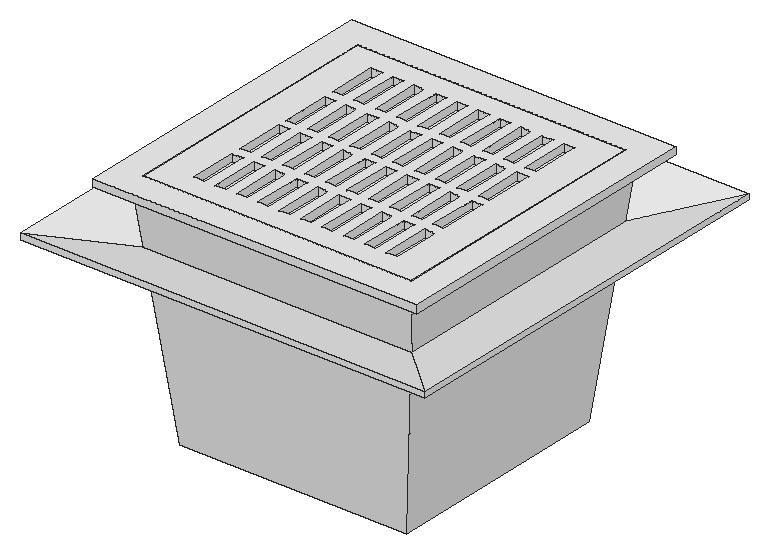
Revit family "Receptor-Sani-Flor_16_Inch_Square_Top-Zurn-Z1926-12_Inch_Sump", category Plumbing Fixtures, Revit 2022
Family settings
  Round Connector Dimension = Use Radius
  Part Type = Normal
  OmniClass Number = 23.70.50.21.24.14
  OmniClass Title = Deck Waste Water Drains
  Work Plane-Based = No
  Always vertical = Yes
  Cut with Voids When Loaded = No
  Maintain Annotation Orientation = No
  Shared = No
  Room Calculation Point = No
Parameters (values of type "Load Family Type Catalog")
  Width = 13.250"
  Waste Connection = 1 = 1  # yes
  WFU = 1  # constant formula
  Vent Connection = 1 = 0  # no
  URL = "www.zurn.com"
  Type Comments = "Z1926-2 Inch -Inside Caulk Outlet"
  Sump Depth = 12.000"
  Sani-Flor Receptor = 16.000"
  Product data url = "https://bimobject.com/zurnindustries/product/zurn-z1926"
  Product Page URL = "https://www.zurn.com/products/drainage-interceptors/floor-sinks/z1926"
  Product Documentation Link = "https://files.zurn.com/spec-sheets/z1926.pdf"
  Pipe Size Radius_A (Nominal) = 1.000"
  Pipe Size Radius_A (Actual) = 1.188"
  Outlet Connector = 1.000"
  Modified Date = "09/02/2025"  # constant formula
  Model = "Z1926"  # constant formula
  Manufacurer Brand = "Zurn"  # constant formula
  Manufacturer = "Zurn Water, LLC"  # constant formula
  Main Material = Cast Iron- Zurn- White A.R.E Coated- Interior
  HWFU = 0  # constant formula
  HW Connection = 1 = 0  # no
  Frame and Grate = Cast Iron- Zurn- White A.R.E Coated- Interior
  Description = "16 X 16 [406 X 406] A.R.C. SANI-FLOR RECEPTOR 12 [305] SUMP DEPTH"  # constant formula
  Default Elevation = 25.000"  # constant formula
  Date Created = "11/13/2018"  # constant formula
  CWFU = 0  # constant formula
  CW Connection = 1 = 0  # no
  Body Height_E = 15.000"
  Assembly Code = "D2030300"
  Approx. Weight (Lbs) = 150.000"  # constant formula
Reference planes (in)
  plane 1 "Center (Front/Back)": y = 0
  plane 2: z = 0
  plane 3 "Center (Left/Right)": x = 0
  plane 4: x = -6.625
  plane 5: x = 6.625
  plane 6: y = 8
  plane 7: y = -8
  plane 8: x = -8
  plane 9: x = 8
  plane 10: x = -10
  plane 11: x = 10
  plane 12: z = -0.375
  plane 13: z = -2.25
  plane 14: z = -12
  plane 15: z = -15
  plane 16: y = 6.625
  plane 17: y = -6.625
  plane 18: y = 5.625
  plane 19: y = -5.625
  plane 20: x = -5.625
  plane 21: x = 5.625
  plane 22: x = -6.9375
  plane 23: x = 6.9375
  plane 24: y = 6.9375
  plane 25: y = -6.9375
  plane 26: x = -1.188
  plane 27: x = 1.188
  plane 28: z = -3.45
  plane 29: y = 10
  plane 30: y = -10
  plane 31: through (0, 11.05292, -1.96787) normal (0, -0.2588, 0.9659)
  plane 32: through (0, 11.12571, -2.23954) normal (0, -0.2588, 0.9659)
  plane 33: through (0, 6.65022, -2.91947) normal (0, -0.9937, 0.1122)
  plane 34: z = -0.625
  plane 35: z = -11.75
  plane 36: y = 1.188
  plane 37: y = -1.188
  plane 38: x = -3.3125
  plane 39: x = -1.65625
  plane 40: x = -4.96875
  plane 41: x = 3.3125
  plane 42: x = 1.65625
  plane 43: x = 4.96875
  plane 44: y = 4.96875
  plane 45: y = 1.65625
  plane 46: y = 3.3125
  plane 47: y = -4.96875
  plane 48: y = -1.65625
  plane 49: y = -3.3125
Forms (in)
  Extrusion 1, solid, material "Cast Iron- Zurn- White A.R.E Coated- Interior" <- "Frame and Grate", detail levels fine
    sketch origin (0, 0, 0) x (1, 0, 0) y (0, 1, 0)
      loop
        line (-8, 8) -> (-8, -8) -> (8, -8) -> (8, 8) -> (-8, 8)
    from -0.375 to 0
  Blend 2, solid, material "Cast Iron- Zurn- White A.R.E Coated- Interior" <- "Main Material", detail levels fine
    base sketch origin (0, 0, 0) x (1, 0, 0) y (0, 1, 0)
      loop
        line (-5.625, 5.625) -> (-5.625, -5.625) -> (5.625, -5.625) -> (5.625, 5.625) -> (-5.625, 5.625)
    top sketch origin (0, 0, 0) x (1, 0, 0) y (0, 1, 0)
      loop
        line (-6.9375, 6.9375) -> (-6.9375, -6.9375) -> (6.9375, -6.9375) -> (6.9375, 6.9375) -> (-6.9375, 6.9375)
    from -12 to -0.375
  Extrusion 3, solid, material "Cast Iron- Zurn- White A.R.E Coated- Interior" <- "Main Material", detail levels fine
    sketch origin (0, 0, 0) x (1, 0, 0) y (0, 1, 0)
      loop
        circle (0, 0) r 1.188
    from -15 to -12
  Extrusion 4, void
    sketch origin (0, 0, 0) x (1, 0, 0) y (0, 1, 0)
      loop
        circle (0, 0) r 1
    from -15 to -12
  Sweep 5, solid, material "Cast Iron- Zurn- White A.R.E Coated- Interior" <- "Main Material", detail levels fine
    path origin (0, 0, 0) x (1, 0, 0) y (0, 1, 0)
      loop
        line (-10, 10) -> (-10, -10) -> (10, -10) -> (10, 10) -> (-10, 10)
    profile origin (0, 10, 0) x (0, 1, 0) y (0, 0, 1)
      loop
        line (-3.37634, -3.15469) -> (-3.41024, -3.45494) -> (0, -2.54117) -> (0, -2.25) -> (-3.37634, -3.15469)
  Extrusion 6, void
    sketch origin (0, 0, 0) x (1, 0, 0) y (0, 1, 0)
      loop
        line (-6.625, 6.625) -> (-6.625, -6.625) -> (6.625, -6.625) -> (6.625, 6.625) -> (-6.625, 6.625)
    from -0.375 to 0
Cuts and joins
  Extrusion 4, Extrusion 6 cuts Extrusion 1
  Extrusion 4 cuts Extrusion 3
Lines and regions (in)
  Masking region 1, detail levels fine
    outline origin (0, 0, 0) x (1, 0, 0) y (0, 1, 0)
      loop
        line (-10, 10) -> (-10, -10) -> (10, -10) -> (10, 10) -> (-10, 10)
  model lines, detail levels coarse+medium
    curve 1: line (-8, 8, 0) -> (8, 8, 0)
    curve 2: line (-8, -8, 0) -> (8, -8, 0)
    curve 3: line (8, 8, 0) -> (8, -8, 0)
    curve 4: line (-8, 8, 0) -> (-8, -8, 0)
    curve 5: line (0, 0, 0) -> (0, 0, -15)
    curve 6: line (0, 1.188, -15) -> (0, -1.188, -15)
    curve 7: line (-1.188, 0, -15) -> (1.188, 0, -15)
    curve 8: line (-6.625, 6.625, 0) -> (6.625, 6.625, 0)
    curve 9: line (6.625, 6.625, 0) -> (6.625, -6.625, 0)
    curve 10: line (-6.625, -6.625, 0) -> (6.625, -6.625, 0)
    curve 11: line (-6.625, 6.625, 0) -> (-6.625, -6.625, 0)
    curve 12: line (-4.96875, 6.625, 0) -> (-4.96875, -6.625, 0)
    curve 13: line (-3.3125, 6.625, 0) -> (-3.3125, -6.625, 0)
    curve 14: line (-1.65625, 6.625, 0) -> (-1.65625, -6.625, 0)
    curve 15: line (4.96875, 6.625, 0) -> (4.96875, -6.625, 0)
    curve 16: line (1.65625, 6.625, 0) -> (1.65625, -6.625, 0)
    curve 17: line (3.3125, 6.625, 0) -> (3.3125, -6.625, 0)
    curve 18: line (0, 6.625, 0) -> (0, -6.625, 0)
    curve 19: line (-6.625, 4.96875, 0) -> (6.625, 4.96875, 0)
    curve 20: line (-6.625, 3.3125, 0) -> (6.625, 3.3125, 0)
    curve 21: line (-6.625, 1.65625, 0) -> (6.625, 1.65625, 0)
    curve 22: line (-6.625, 0, 0) -> (6.625, 0, 0)
    curve 23: line (-6.625, -1.65625, 0) -> (6.625, -1.65625, 0)
    curve 24: line (-6.625, -3.3125, 0) -> (6.625, -3.3125, 0)
    curve 25: line (-6.625, -4.96875, 0) -> (6.625, -4.96875, 0)
  symbolic lines, detail levels coarse+medium
    curve 26: line (0, 0, 0) -> (0, 0, -15)
    curve 27: line (-1.188, 0, -15) -> (1.188, 0, -15)
    curve 28: line (-8, 0, 0) -> (8, 0, 0)
    curve 29: line (0, 0, 0) -> (0, 0, -15)
    curve 30: line (0, 8, 0) -> (0, -8, 0)
    curve 31: line (0, 1.188, -15) -> (0, -1.188, -15)
    curve 32: line (-8, 8, 0) -> (8, 8, 0)
    curve 33: line (8, 8, 0) -> (8, -8, 0)
    curve 34: line (-8, 8, 0) -> (-8, -8, 0)
    curve 35: line (-8, -8, 0) -> (8, -8, 0)
    curve 36: line (-10, 10, 0) -> (10, 10, 0)
    curve 37: line (-10, -10, 0) -> (-10, 10, 0)
    curve 38: line (10, -10, 0) -> (-10, -10, 0)
    curve 39: line (10, 10, 0) -> (10, -10, 0)
Dimensions and locks (in)
  equal spacing: plane 5, plane 3 "Center (Left/Right)", plane 4
  "Width": plane 5 to plane 4
  equal spacing: plane 6, plane 1 "Center (Front/Back)", plane 7
  "Sani-Flor Receptor": plane 6 to plane 7
  equal spacing: plane 9, plane 3 "Center (Left/Right)", plane 8
  "Sani-Flor Receptor": plane 9 to plane 8
  plane 4 to plane 5 = 13.250"
  plane 8 to plane 9 = 16.000"
  equal spacing: plane 11, plane 3 "Center (Left/Right)", plane 10
  locked: plane 11 to plane 10 at 20
  locked: level to plane 12 at 0.375
  locked: level to plane 13 at 2.25
  "Sump Depth": level to plane 14
  "Body Height_E": level to plane 15
  plane 14 to plane 15 = 3.000"
  equal spacing: plane 16, plane 1 "Center (Front/Back)", plane 17
  "Width": plane 16 to plane 17
  plane 8 to plane 4 = 1.375"
  plane 5 to plane 9 = 1.375"
  plane 17 to plane 7 = 1.375"
  plane 6 to plane 16 = 1.375"
  equal spacing: plane 18, plane 1 "Center (Front/Back)", plane 19
  plane 18 to plane 19 = 11.250"
  equal spacing: plane 20, plane 3 "Center (Left/Right)", plane 21
  equal spacing: plane 23, plane 3 "Center (Left/Right)", plane 22
  plane 23 to plane 22 = 13.875"
  plane 22 to plane 23 = 13.875"
  equal spacing: plane 24, plane 1 "Center (Front/Back)", plane 25
  plane 1 "Center (Front/Back)" to plane 25 = 6.9375"
  plane 22 to plane 8 = 1.0625"
  plane 9 to plane 23 = 1.0625"
  "Pipe Size Radius_A (Actual)": plane 3 "Center (Left/Right)" to plane 26
  "Pipe Size Radius_A (Actual)": plane 27 to plane 3 "Center (Left/Right)"
  plane 13 to plane 28 = 1.200"
  equal spacing: plane 29, plane 1 "Center (Front/Back)", plane 30
  plane 29 to plane 30 = 20.000"
  level to plane 13 = 2.250"
  level to plane 28 = 3.450"
  plane 31 to plane 32 = 0.28125"  (x2)
  plane 24 to plane 25 = 13.875"
  plane 12 to plane 34 = 0.250"
  plane 35 to plane 14 = 0.250"
  "Pipe Size Radius_A (Actual)": plane 36 to plane 1 "Center (Front/Back)"
  "Pipe Size Radius_A (Actual)": plane 1 "Center (Front/Back)" to plane 37
  plane 20 to plane 21 = 11.250"
  equal spacing: plane 4, plane 40, plane 38, plane 39, plane 3 "Center (Left/Right)"
  equal spacing: plane 3 "Center (Left/Right)", plane 42, plane 41, plane 43, plane 5
  equal spacing: plane 16, plane 44, plane 46, plane 45, plane 1 "Center (Front/Back)"
  equal spacing: plane 17, plane 47, plane 49, plane 48, plane 1 "Center (Front/Back)"
  plane 6 to plane 7 = 16.000"
  "Pipe Size Radius_A (Actual)": radius of Extrusion 3 sketch curve
  "Pipe Size Radius_A (Nominal)": radius of Extrusion 4 sketch curve
  angle plane 31 to plane 13 = 15.00°
  aligned and locked: plane 2 to level
  aligned and locked: Extrusion 1 sketch curve to plane 6
  aligned and locked: Extrusion 1 sketch curve to plane 9
  aligned and locked: plane 7 to Extrusion 1 sketch curve
  aligned and locked: plane 8 to Extrusion 1 sketch curve
  aligned and locked: Extrusion 1 to plane 12
  aligned and locked: level to Extrusion 1
  aligned and locked: Blend 2 sketch curve to plane 18
  aligned and locked: plane 20 to Blend 2 sketch curve
  aligned and locked: plane 19 to Blend 2 sketch curve
  aligned and locked: Blend 2 sketch curve to plane 21
  aligned and locked: Blend 2 sketch curve to plane 24
  aligned and locked: Blend 2 sketch curve to plane 23
  aligned and locked: plane 25 to Blend 2 sketch curve
  aligned and locked: plane 22 to Blend 2 sketch curve
  aligned and locked: plane 12 to Blend 2
  aligned and locked: Blend 2 to plane 14
  aligned and locked: plane 1 "Center (Front/Back)" to Extrusion 3 sketch curve
  aligned and locked: plane 3 "Center (Left/Right)" to Extrusion 3 sketch curve
  aligned and locked: plane 14 to Extrusion 3
  aligned and locked: Extrusion 3 to plane 15
  aligned and locked: plane 3 "Center (Left/Right)" to Extrusion 4 sketch curve
  aligned and locked: plane 1 "Center (Front/Back)" to Extrusion 4 sketch curve
  aligned and locked: plane 14 to Extrusion 4
  aligned and locked: Extrusion 4 to plane 15
  aligned and locked: plane 29 to Sweep 5 sketch curve
  aligned and locked: plane 10 to Sweep 5 sketch curve
  aligned and locked: Sweep 5 sketch curve to plane 30
  aligned and locked: Sweep 5 sketch curve to plane 11
  aligned and locked: plane 31 to Sweep 5 sketch curve
  aligned and locked: plane 32 to Sweep 5 sketch curve
  aligned and locked: Sweep 5 sketch curve to Blend 2
  aligned and locked: Sweep 5 sketch curve to plane 29
  aligned and locked: Extrusion 6 sketch curve to plane 16
  aligned and locked: Extrusion 6 sketch curve to plane 5
  aligned and locked: plane 17 to Extrusion 6 sketch curve
  aligned and locked: plane 4 to Extrusion 6 sketch curve
  aligned and locked: Extrusion 6 to plane 12
  aligned and locked: level to Extrusion 6
  aligned and locked: plane 5 to cut or joined group of Extrusion 1, Extrusion 4, Extrusion 6
  aligned and locked: cut or joined group of Extrusion 1, Extrusion 4, Extrusion 6 to plane 17
  aligned and locked: plane 16 to nested 1
  aligned and locked: nested 1 to plane 4
  aligned and locked: plane 5 to nested 1
  aligned and locked: nested 1 to plane 17
  aligned and locked: level to curve 5
  aligned and locked: plane 15 to curve 5
  aligned and locked: curve 5 to plane 3 "Center (Left/Right)"
  aligned and locked: plane 36 to curve 6
  aligned and locked: plane 37 to curve 6
  aligned and locked: curve 6 to plane 15
  aligned and locked: plane 26 to curve 7
  aligned and locked: plane 27 to curve 7
  aligned and locked: curve 7 to plane 15
  aligned and locked: curve 11 to plane 4
  aligned and locked: curve 10 to plane 17
  aligned and locked: plane 17 to curve 9
  aligned and locked: plane 16 to curve 9
  aligned and locked: curve 9 to plane 5
  aligned and locked: curve 12 to plane 40
  aligned and locked: curve 13 to plane 38
  aligned and locked: curve 14 to plane 39
  aligned and locked: plane 43 to curve 15
  aligned and locked: plane 42 to curve 16
  aligned and locked: plane 41 to curve 17
  aligned and locked: curve 18 to plane 3 "Center (Left/Right)"
  aligned and locked: plane 4 to curve 19
  aligned and locked: plane 5 to curve 19
  aligned and locked: curve 19 to plane 44
  aligned and locked: curve 20 to plane 46
  aligned and locked: curve 21 to plane 45
  aligned and locked: plane 1 "Center (Front/Back)" to curve 22
  aligned and locked: plane 48 to curve 23
  aligned and locked: plane 49 to curve 24
  aligned and locked: plane 47 to curve 25
  aligned and locked: plane 8 to curve 28
  aligned and locked: plane 9 to curve 28
  aligned and locked: curve 28 to level
  aligned and locked: curve 26 to plane 3 "Center (Left/Right)"
  aligned and locked: plane 27 to curve 27
  aligned and locked: plane 26 to curve 27
  aligned and locked: curve 27 to plane 15
  aligned and locked: level to curve 29
  aligned and locked: plane 15 to curve 29
  aligned and locked: curve 29 to plane 1 "Center (Front/Back)"
  aligned and locked: plane 36 to curve 31
  aligned and locked: plane 37 to curve 31
  aligned and locked: curve 31 to plane 15
  aligned and locked: plane 6 to curve 30
  aligned and locked: plane 7 to curve 30
  aligned and locked: curve 30 to level
  aligned and locked: Masking region 1 sketch curve to Sweep 5  (x4)
  aligned and locked: curve 32 to plane 6
  aligned and locked: plane 6 to curve 33
  aligned and locked: plane 7 to curve 33
  aligned and locked: curve 33 to plane 9
  aligned and locked: curve 34 to plane 8
  aligned and locked: plane 8 to curve 35
  aligned and locked: plane 9 to curve 35
  aligned and locked: curve 35 to plane 7
  aligned and locked: plane 29 to curve 36
  aligned and locked: plane 10 to curve 37
  aligned and locked: curve 38 to plane 30
  aligned and locked: curve 39 to plane 11
Nested families (in)
  nested 1: "Grate" at (0, 0, 0), Grate <- "Frame and Grate", type "Grate", detail levels fine
    with Grate Cast Iron- Zurn- White A.R.E Coated- Interior
Connectors (in)
  piping at (0, 0, -15), diameter 2, driven by "Outlet Connector", driven by "Waste Connection"
    settings: on cut or joined group of Extrusion 3, Extrusion 4, index 1, connector inside diameter 24", connector length 0.000", flow factor 0, pipe flow 0 GPM, pressure drop 0.00 psi, fitting loss kfactor 0, connector angle 0.00°, fixture units 0, engagement length 0.000", angle of deflection 0.00°, flow configuration 0, flow direction 2, fitting loss method 0, system type 16, joint type 0, gender type 0, connector reference index -1, connector utility 1, adjustable connector no, is connector primary yes, connector description "Outlet Connection"
Definition of nested family "Grate"
  Parameters (values of type "Grate")
    URL = "www.zurn.com"
    Product data url = ""
    Product Page URL = ""
    Product Installation Sheet URL = ""
    Product Documentation Link = ""
    Modified Date = ""
    Manufacurer Brand = "Zurn"  # constant formula
    Manufacturer = "Zurn Water, LLC"  # constant formula
    Grate [instance] = none
    Default Elevation = 0.000"
    Date Created = ""
    Approx. Weight (Lbs) = 0.000"
  Reference planes (in)
    plane 1 "Center (Front/Back)": y = 0
    plane 2: z = 0
    plane 3 "Center (Left/Right)": x = 0
    plane 4: y = 6.625
    plane 5: y = -6.625
    plane 6: x = -6.625
    plane 7: x = 6.625
    plane 8: z = -0.375
    plane 9: x = -5.045
    plane 10: x = 5.045
    plane 11: y = 5.485
    plane 12: y = -5.485
    plane 13: y = 3.105
    plane 14: y = 2.605
    plane 15: y = 0.225
    plane 16: x = -4.485
  Forms (in)
    Extrusion 1, solid, material <- "Grate"
      sketch origin (0, 0, 0) x (1, 0, 0) y (0, 1, 0)
        loop
          line (-6.625, 6.625) -> (-6.625, -6.625) -> (6.625, -6.625) -> (6.625, 6.625) -> (-6.625, 6.625)
      from -0.375 to 0
    Extrusion 2, void
      sketch origin (0, 0, 0) x (1, 0, 0) y (0, 1, 0)
        loop
          line (-5.045, 5.485) -> (-5.045, 3.105) -> (-4.485, 3.105) -> (-4.485, 5.485) -> (-5.045, 5.485)
        loop
          line (-5.045, 2.605) -> (-5.045, 0.225) -> (-4.485, 0.225) -> (-4.485, 2.605) -> (-5.045, 2.605)
      from -0.375 to 0
    Extrusion 3, void
      sketch origin (4.24, 0, 0) x (1, 0, 0) y (0, 1, 0)
        loop
          line (-5.045, 5.485) -> (-5.045, 3.105) -> (-4.485, 3.105) -> (-4.485, 5.485) -> (-5.045, 5.485)
        loop
          line (-5.045, 2.605) -> (-5.045, 0.225) -> (-4.485, 0.225) -> (-4.485, 2.605) -> (-5.045, 2.605)
      from -0.375 to 0
    Extrusion 4, void
      sketch origin (1.06, 0, 0) x (1, 0, 0) y (0, 1, 0)
        loop
          line (-5.045, 5.485) -> (-5.045, 3.105) -> (-4.485, 3.105) -> (-4.485, 5.485) -> (-5.045, 5.485)
        loop
          line (-5.045, 2.605) -> (-5.045, 0.225) -> (-4.485, 0.225) -> (-4.485, 2.605) -> (-5.045, 2.605)
      from -0.375 to 0
    Extrusion 5, void
      sketch origin (2.12, 0, 0) x (1, 0, 0) y (0, 1, 0)
        loop
          line (-5.045, 5.485) -> (-5.045, 3.105) -> (-4.485, 3.105) -> (-4.485, 5.485) -> (-5.045, 5.485)
        loop
          line (-5.045, 2.605) -> (-5.045, 0.225) -> (-4.485, 0.225) -> (-4.485, 2.605) -> (-5.045, 2.605)
      from -0.375 to 0
    Extrusion 6, void
      sketch origin (3.18, 0, 0) x (1, 0, 0) y (0, 1, 0)
        loop
          line (-5.045, 5.485) -> (-5.045, 3.105) -> (-4.485, 3.105) -> (-4.485, 5.485) -> (-5.045, 5.485)
        loop
          line (-5.045, 2.605) -> (-5.045, 0.225) -> (-4.485, 0.225) -> (-4.485, 2.605) -> (-5.045, 2.605)
      from -0.375 to 0
    Extrusion 7, void
      sketch origin (0, 0, 0) x (-1, 0, 0) y (0, -1, 0)
        loop
          line (-5.045, -5.485) -> (-4.485, -5.485) -> (-4.485, -3.105) -> (-5.045, -3.105) -> (-5.045, -5.485)
        loop
          line (-5.045, -2.605) -> (-4.485, -2.605) -> (-4.485, -0.225) -> (-5.045, -0.225) -> (-5.045, -2.605)
      from -0.375 to 0
    Extrusion 8, void
      sketch origin (-4.24, 0, 0) x (-1, 0, 0) y (0, -1, 0)
        loop
          line (-5.045, -5.485) -> (-4.485, -5.485) -> (-4.485, -3.105) -> (-5.045, -3.105) -> (-5.045, -5.485)
        loop
          line (-5.045, -2.605) -> (-4.485, -2.605) -> (-4.485, -0.225) -> (-5.045, -0.225) -> (-5.045, -2.605)
      from -0.375 to 0
    Extrusion 9, void
      sketch origin (-1.06, 0, 0) x (-1, 0, 0) y (0, -1, 0)
        loop
          line (-5.045, -5.485) -> (-4.485, -5.485) -> (-4.485, -3.105) -> (-5.045, -3.105) -> (-5.045, -5.485)
        loop
          line (-5.045, -2.605) -> (-4.485, -2.605) -> (-4.485, -0.225) -> (-5.045, -0.225) -> (-5.045, -2.605)
      from -0.375 to 0
    Extrusion 10, void
      sketch origin (-2.12, 0, 0) x (-1, 0, 0) y (0, -1, 0)
        loop
          line (-5.045, -5.485) -> (-4.485, -5.485) -> (-4.485, -3.105) -> (-5.045, -3.105) -> (-5.045, -5.485)
        loop
          line (-5.045, -2.605) -> (-4.485, -2.605) -> (-4.485, -0.225) -> (-5.045, -0.225) -> (-5.045, -2.605)
      from -0.375 to 0
    Extrusion 11, void
      sketch origin (-3.18, 0, 0) x (-1, 0, 0) y (0, -1, 0)
        loop
          line (-5.045, -5.485) -> (-4.485, -5.485) -> (-4.485, -3.105) -> (-5.045, -3.105) -> (-5.045, -5.485)
        loop
          line (-5.045, -2.605) -> (-4.485, -2.605) -> (-4.485, -0.225) -> (-5.045, -0.225) -> (-5.045, -2.605)
      from -0.375 to 0
    Extrusion 12, void
      sketch origin (0, 0, 0) x (1, 0, 0) y (0, 1, 0)
        loop
          line (-5.045, -5.485) -> (-4.485, -5.485) -> (-4.485, -3.105) -> (-5.045, -3.105) -> (-5.045, -5.485)
        loop
          line (-5.045, -2.605) -> (-4.485, -2.605) -> (-4.485, -0.225) -> (-5.045, -0.225) -> (-5.045, -2.605)
      from -0.375 to 0
    Extrusion 13, void
      sketch origin (4.24, 0, 0) x (1, 0, 0) y (0, 1, 0)
        loop
          line (-5.045, -5.485) -> (-4.485, -5.485) -> (-4.485, -3.105) -> (-5.045, -3.105) -> (-5.045, -5.485)
        loop
          line (-5.045, -2.605) -> (-4.485, -2.605) -> (-4.485, -0.225) -> (-5.045, -0.225) -> (-5.045, -2.605)
      from -0.375 to 0
    Extrusion 14, void
      sketch origin (1.06, 0, 0) x (1, 0, 0) y (0, 1, 0)
        loop
          line (-5.045, -5.485) -> (-4.485, -5.485) -> (-4.485, -3.105) -> (-5.045, -3.105) -> (-5.045, -5.485)
        loop
          line (-5.045, -2.605) -> (-4.485, -2.605) -> (-4.485, -0.225) -> (-5.045, -0.225) -> (-5.045, -2.605)
      from -0.375 to 0
    Extrusion 15, void
      sketch origin (2.12, 0, 0) x (1, 0, 0) y (0, 1, 0)
        loop
          line (-5.045, -5.485) -> (-4.485, -5.485) -> (-4.485, -3.105) -> (-5.045, -3.105) -> (-5.045, -5.485)
        loop
          line (-5.045, -2.605) -> (-4.485, -2.605) -> (-4.485, -0.225) -> (-5.045, -0.225) -> (-5.045, -2.605)
      from -0.375 to 0
    Extrusion 16, void
      sketch origin (3.18, 0, 0) x (1, 0, 0) y (0, 1, 0)
        loop
          line (-5.045, -5.485) -> (-4.485, -5.485) -> (-4.485, -3.105) -> (-5.045, -3.105) -> (-5.045, -5.485)
        loop
          line (-5.045, -2.605) -> (-4.485, -2.605) -> (-4.485, -0.225) -> (-5.045, -0.225) -> (-5.045, -2.605)
      from -0.375 to 0
    Extrusion 17, void
      sketch origin (0, 0, 0) x (-1, 0, 0) y (0, -1, 0)
        loop
          line (-5.045, 5.485) -> (-5.045, 3.105) -> (-4.485, 3.105) -> (-4.485, 5.485) -> (-5.045, 5.485)
        loop
          line (-5.045, 2.605) -> (-5.045, 0.225) -> (-4.485, 0.225) -> (-4.485, 2.605) -> (-5.045, 2.605)
      from -0.375 to 0
    Extrusion 18, void
      sketch origin (-4.24, 0, 0) x (-1, 0, 0) y (0, -1, 0)
        loop
          line (-5.045, 5.485) -> (-5.045, 3.105) -> (-4.485, 3.105) -> (-4.485, 5.485) -> (-5.045, 5.485)
        loop
          line (-5.045, 2.605) -> (-5.045, 0.225) -> (-4.485, 0.225) -> (-4.485, 2.605) -> (-5.045, 2.605)
      from -0.375 to 0
    Extrusion 19, void
      sketch origin (-1.06, 0, 0) x (-1, 0, 0) y (0, -1, 0)
        loop
          line (-5.045, 5.485) -> (-5.045, 3.105) -> (-4.485, 3.105) -> (-4.485, 5.485) -> (-5.045, 5.485)
        loop
          line (-5.045, 2.605) -> (-5.045, 0.225) -> (-4.485, 0.225) -> (-4.485, 2.605) -> (-5.045, 2.605)
      from -0.375 to 0
    Extrusion 20, void
      sketch origin (-2.12, 0, 0) x (-1, 0, 0) y (0, -1, 0)
        loop
          line (-5.045, 5.485) -> (-5.045, 3.105) -> (-4.485, 3.105) -> (-4.485, 5.485) -> (-5.045, 5.485)
        loop
          line (-5.045, 2.605) -> (-5.045, 0.225) -> (-4.485, 0.225) -> (-4.485, 2.605) -> (-5.045, 2.605)
      from -0.375 to 0
    Extrusion 21, void
      sketch origin (-3.18, 0, 0) x (-1, 0, 0) y (0, -1, 0)
        loop
          line (-5.045, 5.485) -> (-5.045, 3.105) -> (-4.485, 3.105) -> (-4.485, 5.485) -> (-5.045, 5.485)
        loop
          line (-5.045, 2.605) -> (-5.045, 0.225) -> (-4.485, 0.225) -> (-4.485, 2.605) -> (-5.045, 2.605)
      from -0.375 to 0
  Cuts and joins
    Extrusion 2, Extrusion 3, Extrusion 4, Extrusion 5, Extrusion 6, Extrusion 7, Extrusion 8, Extrusion 9, Extrusion 10, Extrusion 11, Extrusion 12, Extrusion 13, Extrusion 14, Extrusion 15, Extrusion 16, Extrusion 17, Extrusion 18, Extrusion 19, Extrusion 20, Extrusion 21 cuts Extrusion 1
  Dimensions and locks (in)
    equal spacing: plane 4, plane 1 "Center (Front/Back)", plane 5
    locked: plane 4 to plane 5 at 13.25
    equal spacing: plane 6, plane 3 "Center (Left/Right)", plane 7
    locked: plane 6 to plane 7 at 13.25
    level to plane 8 = 0.375"
    plane 6 to plane 9 = 1.580"
    plane 10 to plane 7 = 1.580"
    plane 4 to plane 11 = 1.140"
    plane 12 to plane 5 = 1.140"
    plane 11 to plane 13 = 2.380"
    plane 13 to plane 14 = 0.500"
    plane 15 to plane 1 "Center (Front/Back)" = 0.225"
    plane 14 to plane 15 = 2.380"
    locked: plane 9 to plane 16 at 0.56
    aligned and locked: plane 2 to level
    aligned and locked: Extrusion 1 sketch curve to plane 4
    aligned and locked: plane 6 to Extrusion 1 sketch curve
    aligned and locked: plane 5 to Extrusion 1 sketch curve
    aligned and locked: Extrusion 1 sketch curve to plane 7
    aligned and locked: Extrusion 1 to plane 8
    aligned and locked: level to Extrusion 1
    aligned and locked: Extrusion 1 to Extrusion 2
    aligned and locked: level to Extrusion 2
  Automatic sketch dimensions
    Extrusion 7 sketch curve to Extrusion 7 sketch curve = 0.000"
    Extrusion 7 sketch curve to Extrusion 7 sketch curve = 0.560"  (x2)
    Extrusion 7 sketch curve to Extrusion 7 sketch curve = 2.380"  (x2)
    Extrusion 7 sketch curve to Extrusion 7 sketch curve = 0.500"
    Extrusion 8 sketch curve to Extrusion 8 sketch curve = 0.000"
    Extrusion 8 sketch curve to Extrusion 8 sketch curve = 0.560"  (x2)
    Extrusion 8 sketch curve to Extrusion 8 sketch curve = 2.380"  (x2)
    Extrusion 8 sketch curve to Extrusion 8 sketch curve = 0.500"
    Extrusion 9 sketch curve to Extrusion 9 sketch curve = 0.000"
    Extrusion 9 sketch curve to Extrusion 9 sketch curve = 0.560"  (x2)
    Extrusion 9 sketch curve to Extrusion 9 sketch curve = 2.380"  (x2)
    Extrusion 9 sketch curve to Extrusion 9 sketch curve = 0.500"
    Extrusion 10 sketch curve to Extrusion 10 sketch curve = 0.000"
    Extrusion 10 sketch curve to Extrusion 10 sketch curve = 0.560"  (x2)
    Extrusion 10 sketch curve to Extrusion 10 sketch curve = 2.380"  (x2)
    Extrusion 10 sketch curve to Extrusion 10 sketch curve = 0.500"
    Extrusion 11 sketch curve to Extrusion 11 sketch curve = 0.000"
    Extrusion 11 sketch curve to Extrusion 11 sketch curve = 0.560"  (x2)
    Extrusion 11 sketch curve to Extrusion 11 sketch curve = 2.380"  (x2)
    Extrusion 11 sketch curve to Extrusion 11 sketch curve = 0.500"
    Extrusion 17 sketch curve to Extrusion 17 sketch curve = 0.000"
    Extrusion 17 sketch curve to Extrusion 17 sketch curve = 0.560"  (x2)
    Extrusion 17 sketch curve to Extrusion 17 sketch curve = 2.380"  (x2)
    Extrusion 17 sketch curve to Extrusion 17 sketch curve = 0.500"
    Extrusion 18 sketch curve to Extrusion 18 sketch curve = 0.000"
    Extrusion 18 sketch curve to Extrusion 18 sketch curve = 0.560"  (x2)
    Extrusion 18 sketch curve to Extrusion 18 sketch curve = 2.380"  (x2)
    Extrusion 18 sketch curve to Extrusion 18 sketch curve = 0.500"
    Extrusion 19 sketch curve to Extrusion 19 sketch curve = 0.000"
    Extrusion 19 sketch curve to Extrusion 19 sketch curve = 0.560"  (x2)
    Extrusion 19 sketch curve to Extrusion 19 sketch curve = 2.380"  (x2)
    Extrusion 19 sketch curve to Extrusion 19 sketch curve = 0.500"
    Extrusion 20 sketch curve to Extrusion 20 sketch curve = 0.000"
    Extrusion 20 sketch curve to Extrusion 20 sketch curve = 0.560"  (x2)
    Extrusion 20 sketch curve to Extrusion 20 sketch curve = 2.380"  (x2)
    Extrusion 20 sketch curve to Extrusion 20 sketch curve = 0.500"
    Extrusion 21 sketch curve to Extrusion 21 sketch curve = 0.000"
    Extrusion 21 sketch curve to Extrusion 21 sketch curve = 0.560"  (x2)
    Extrusion 21 sketch curve to Extrusion 21 sketch curve = 2.380"  (x2)
    Extrusion 21 sketch curve to Extrusion 21 sketch curve = 0.500"
    Extrusion 2 sketch curve to plane 9 = 0.000"  (x2)
    Extrusion 2 sketch curve to plane 14 = 0.000"
    Extrusion 2 sketch curve to plane 16 = 0.000"  (x2)
    Extrusion 2 sketch curve to plane 11 = 0.000"
    Extrusion 2 sketch curve to plane 15 = 0.000"
    Extrusion 2 sketch curve to plane 13 = 0.000"
    Extrusion 3 sketch curve to plane 11 = 0.000"
    Extrusion 3 sketch curve to plane 15 = 0.000"
    Extrusion 3 sketch curve to plane 13 = 0.000"
    Extrusion 3 sketch curve to plane 14 = 0.000"
    Extrusion 3 sketch curve to plane 3 "Center (Left/Right)" = 0.805"  (x2)
    Extrusion 3 sketch curve to plane 3 "Center (Left/Right)" = 0.245"  (x2)
    Extrusion 4 sketch curve to plane 11 = 0.000"
    Extrusion 4 sketch curve to plane 15 = 0.000"
    Extrusion 4 sketch curve to plane 13 = 0.000"
    Extrusion 4 sketch curve to plane 14 = 0.000"
    plane 16 to Extrusion 4 sketch curve = 0.500"  (x2)
    Extrusion 4 sketch curve to Extrusion 4 sketch curve = 0.560"  (x2)
    Extrusion 5 sketch curve to plane 11 = 0.000"
    Extrusion 5 sketch curve to plane 15 = 0.000"
    Extrusion 5 sketch curve to plane 13 = 0.000"
    Extrusion 5 sketch curve to plane 14 = 0.000"
    plane 16 to Extrusion 5 sketch curve = 1.560"  (x2)
    Extrusion 5 sketch curve to Extrusion 5 sketch curve = 0.560"  (x2)
    Extrusion 6 sketch curve to plane 11 = 0.000"
    Extrusion 6 sketch curve to plane 15 = 0.000"
    Extrusion 6 sketch curve to plane 13 = 0.000"
    Extrusion 6 sketch curve to plane 14 = 0.000"
    Extrusion 6 sketch curve to plane 3 "Center (Left/Right)" = 1.865"  (x2)
    Extrusion 6 sketch curve to Extrusion 6 sketch curve = 0.560"  (x2)
    Extrusion 12 sketch curve to plane 9 = 0.000"  (x2)
    Extrusion 12 sketch curve to plane 16 = 0.000"  (x2)
    Extrusion 12 sketch curve to plane 12 = 0.000"
    Extrusion 12 sketch curve to Extrusion 12 sketch curve = 2.380"
    Extrusion 12 sketch curve to Extrusion 12 sketch curve = 0.500"
    plane 1 "Center (Front/Back)" to Extrusion 12 sketch curve = 0.225"
    Extrusion 13 sketch curve to plane 12 = 0.000"
    Extrusion 13 sketch curve to plane 3 "Center (Left/Right)" = 0.805"  (x2)
    plane 1 "Center (Front/Back)" to Extrusion 13 sketch curve = 0.225"
    Extrusion 13 sketch curve to plane 3 "Center (Left/Right)" = 0.245"  (x2)
    Extrusion 13 sketch curve to Extrusion 13 sketch curve = 2.380"
    Extrusion 13 sketch curve to Extrusion 13 sketch curve = 0.500"
    Extrusion 14 sketch curve to plane 12 = 0.000"
    plane 16 to Extrusion 14 sketch curve = 0.500"  (x2)
    plane 1 "Center (Front/Back)" to Extrusion 14 sketch curve = 0.225"
    Extrusion 14 sketch curve to Extrusion 14 sketch curve = 0.560"  (x2)
    Extrusion 14 sketch curve to Extrusion 14 sketch curve = 2.380"
    Extrusion 14 sketch curve to Extrusion 14 sketch curve = 0.500"
    Extrusion 15 sketch curve to plane 12 = 0.000"
    plane 16 to Extrusion 15 sketch curve = 1.560"  (x2)
    plane 1 "Center (Front/Back)" to Extrusion 15 sketch curve = 0.225"
    Extrusion 15 sketch curve to Extrusion 15 sketch curve = 0.560"  (x2)
    Extrusion 15 sketch curve to Extrusion 15 sketch curve = 2.380"
    Extrusion 15 sketch curve to Extrusion 15 sketch curve = 0.500"
    Extrusion 16 sketch curve to plane 12 = 0.000"
    Extrusion 16 sketch curve to plane 3 "Center (Left/Right)" = 1.865"  (x2)
    plane 1 "Center (Front/Back)" to Extrusion 16 sketch curve = 0.225"
    Extrusion 16 sketch curve to Extrusion 16 sketch curve = 0.560"  (x2)
    Extrusion 16 sketch curve to Extrusion 16 sketch curve = 2.380"
    Extrusion 16 sketch curve to Extrusion 16 sketch curve = 0.500"
Types in the file's own list only (18): name | Width | Type Comments | Sump Depth | Sani-Flor Receptor | Pipe Size Radius_A (Nominal) | Pipe Size Radius_A (Actual) | Outlet Connector | Frame and Grate | Default Elevation | Body Height_E | Approx. Weight (Lbs)
  Z1926-2NH Outlet | 13.250 " | "Z1926-2 Inch -No-Hub Outlet" | 12.000 " | 16.000 " | 1.000 " | 1.188 " | 1.000 " | Cast Iron- Zurn- White A.R.E Coated- Interior | 25.000 " | 15.000 " | 150.000 "
  Z1926-2NL Outlet | 13.250 " | "Z1926-2 Inch -Neo-Loc Outlet" | 12.000 " | 16.000 " | 1.000 " | 1.188 " | 1.000 " | Cast Iron- Zurn- White A.R.E Coated- Interior | 25.000 " | 14.250 " | 150.000 "
  Z1926-3IC Outlet | 13.250 " | "Z1926-3 Inch -Inside Caulk Outlet" | 12.000 " | 16.000 " | 1.500 " | 1.750 " | 1.500 " | Cast Iron- Zurn- White A.R.E Coated- Interior | 25.000 " | 15.000 " | 150.000 "
  Z1926-3NH Outlet | 13.250 " | "Z1926-3 Inch -No-Hub Outlet" | 12.000 " | 16.000 " | 1.500 " | 1.750 " | 1.500 " | Cast Iron- Zurn- White A.R.E Coated- Interior | 25.000 " | 15.000 " | 150.000 "
  Z1926-3NL Outlet | 13.250 " | "Z1926-3 Inch -Neo-Loc Outlet" | 12.000 " | 16.000 " | 1.500 " | 1.750 " | 1.500 " | Cast Iron- Zurn- White A.R.E Coated- Interior | 25.000 " | 14.250 " | 150.000 "
  Z1926-4IC Outlet | 13.250 " | "Z1926-4 Inch -Inside Caulk Outlet" | 12.000 " | 16.000 " | 2.000 " | 2.250 " | 2.000 " | Cast Iron- Zurn- White A.R.E Coated- Interior | 25.000 " | 15.000 " | 150.000 "
  Z1926-4NH Outlet | 13.250 " | "Z1926-4 Inch -No-Hub Outlet" | 12.000 " | 16.000 " | 2.000 " | 2.250 " | 2.000 " | Cast Iron- Zurn- White A.R.E Coated- Interior | 25.000 " | 15.000 " | 150.000 "
  Z1926-4NL Outlet | 13.250 " | "Z1926-4 Inch -Neo-Loc Outlet" | 12.000 " | 16.000 " | 2.000 " | 2.250 " | 2.000 " | Cast Iron- Zurn- White A.R.E Coated- Interior | 25.000 " | 14.250 " | 150.000 "
  Z1926-6IC Outlet | 13.250 " | "Z1926-6 Inch -Inside Caulk Outlet" | 12.000 " | 16.000 " | 3.000 " | 3.313 " | 3.000 " | Cast Iron- Zurn- White A.R.E Coated- Interior | 25.000 " | 15.000 " | 150.000 "
  ZN1926-2NH Outlet | 13.250 " | "ZN1926-2 Inch -No-Hub Outlet" | 12.000 " | 16.750 " | 1.000 " | 1.188 " | 1.000 " | Bronze - Zurn - Polished Nickel | 25.000 " | 15.188 " | 150.000 "
  ZN1926-2NL Outlet | 13.250 " | "ZN1926-2 Inch -Neo-Loc Outlet" | 12.000 " | 16.750 " | 1.000 " | 1.188 " | 1.000 " | Bronze - Zurn - Polished Nickel | 25.000 " | 14.438 " | 150.000 "
  ZN1926-3IC Outlet | 13.250 " | "Z1926-3 Inch -Inside Caulk Outlet" | 12.000 " | 16.750 " | 1.500 " | 1.750 " | 1.500 " | Bronze - Zurn - Polished Nickel | 25.000 " | 15.188 " | 150.000 "
  ZN1926-3NH Outlet | 13.250 " | "ZN1926-3 Inch -No-Hub Outlet" | 12.000 " | 16.750 " | 1.500 " | 1.750 " | 1.500 " | Bronze - Zurn - Polished Nickel | 25.000 " | 15.188 " | 150.000 "
  ZN1926-3NL Outlet | 13.250 " | "ZN1926-3 Inch -Neo-Loc Outlet" | 12.000 " | 16.750 " | 1.500 " | 1.750 " | 1.500 " | Bronze - Zurn - Polished Nickel | 25.000 " | 14.438 " | 150.000 "
  ZN1926-4IC Outlet | 13.250 " | "ZN1926-4 Inch -Inside Caulk Outlet" | 12.000 " | 16.750 " | 2.000 " | 2.250 " | 2.000 " | Bronze - Zurn - Polished Nickel | 25.000 " | 15.188 " | 150.000 "
  ZN1926-4NH Outlet | 13.250 " | "ZN1926-4 Inch -No-Hub Outlet" | 12.000 " | 16.750 " | 2.000 " | 2.250 " | 2.000 " | Bronze - Zurn - Polished Nickel | 25.000 " | 15.188 " | 150.000 "
  ZN1926-4NL Outlet | 13.250 " | "ZN1926-4 Inch -Neo-Loc Outlet" | 12.000 " | 16.750 " | 2.000 " | 2.250 " | 2.000 " | Bronze - Zurn - Polished Nickel | 25.000 " | 14.438 " | 150.000 "
  ZN1926-6IC Outlet | 13.250 " | "ZN1926-6 Inch -Inside Caulk Outlet" | 12.000 " | 16.750 " | 3.000 " | 3.313 " | 3.000 " | Bronze - Zurn - Polished Nickel | 25.000 " | 15.188 " | 150.000 "
